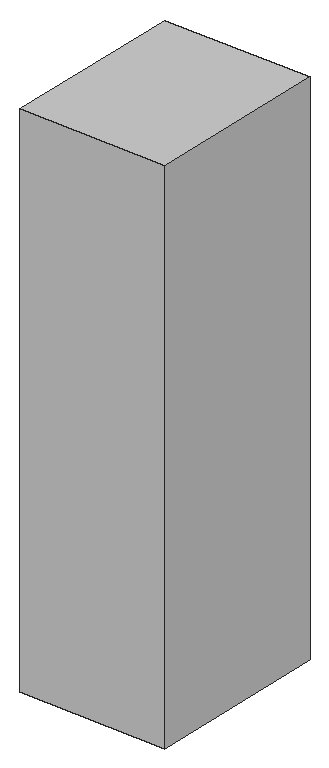
Revit family "M_Concrete-Rectangular-Column", category Structural Columns, Revit 2017
Family settings
  Display in Hidden Views = Edges Hidden by Other Members
  Section Shape = Not Defined
  Material for Model Behavior = Concrete
  Always export as geometry = No
  Beam cutback in plan = From bounding box
  OmniClass Number = 23.25.30.11.14.11
  OmniClass Title = Columns
  Cut with Voids When Loaded = No
  Symbolic Representation = From Family
  Shared = No
  Show family pre-cut in plan views = Yes
Parameters (values of type "600 x 750mm")
  b = 600 mm
  h = 750 mm
  TypeWidth [instance] = b  # 600 mm
  TypeVolumeConcrete [instance] = b * h * Height  # 0.972 m³
  TypeLength [instance] = h  # 750 mm
  TypeAreaFormwork [instance] = 2 * (b + h) * Height  # 5.832 m²
  Structural Material [instance] = Concrete, Cast-in-Place gray
  Height [instance] = 2160 mm
Types (3, lengths in mm): name | b | h | TypeWidth | TypeVolumeConcrete | TypeLength | TypeAreaFormwork
  300 x 450mm | 300 | 450 | 300 | 0.2916 m³ | 450 | 3.24 m²
  450 x 600mm | 450 | 600 | 450 | 0.5832 m³ | 600 | 4.536 m²
  600 x 750mm | 600 | 750 | 600 | 0.972 m³ | 750 | 5.832 m²
Reference planes
  plane 1 "Center (Front/Back)": y = 0
  plane 2: z = 0
  plane 3 "Center (Left/Right)": x = 0
  plane 4: x = -300
  plane 5: x = 300
  plane 6: y = 375
  plane 7: y = -375
Forms (mm)
  Extrusion 1, solid, material "Concrete, Cast-in-Place gray" <- "Structural Material"
    sketch origin (0, 0, 0) x (1, 0, 0) y (0, 1, 0)
      loop
        line (-300, 375) -> (-300, -375) -> (300, -375) -> (300, 375) -> (-300, 375)
    from 0 to 2160
  Extrusion 2, void
    sketch origin (0, 0, 0) x (1, 0, 0) y (0, 1, 0)
      loop
        line (-300, 375) -> (-300, -375) -> (300, -375) -> (300, 375) -> (-300, 375)
    from 0 to 2160
Dimensions and locks
  equal spacing: plane 4, plane 3 "Center (Left/Right)", plane 5
  equal spacing: plane 7, plane 1 "Center (Front/Back)", plane 6
  "h": plane 7 to plane 6
  "b": plane 4 to plane 5
  "Height": level to level
  aligned and locked: Extrusion 1 sketch curve to plane 6
  aligned and locked: Extrusion 1 sketch curve to plane 7
  aligned and locked: Extrusion 1 sketch curve to plane 4
  aligned and locked: Extrusion 1 sketch curve to plane 5
  aligned and locked: level to Extrusion 1
  aligned and locked: level to plane 2
  aligned and locked: Extrusion 1 to plane 2
  aligned and locked: level to Extrusion 2
  aligned and locked: Extrusion 2 to level
Automatic sketch dimensions
  Extrusion 2 sketch curve to plane 4 = 0 mm
  Extrusion 2 sketch curve to plane 5 = 0 mm
  plane 7 to Extrusion 2 sketch curve = 0 mm
  plane 6 to Extrusion 2 sketch curve = 0 mm
